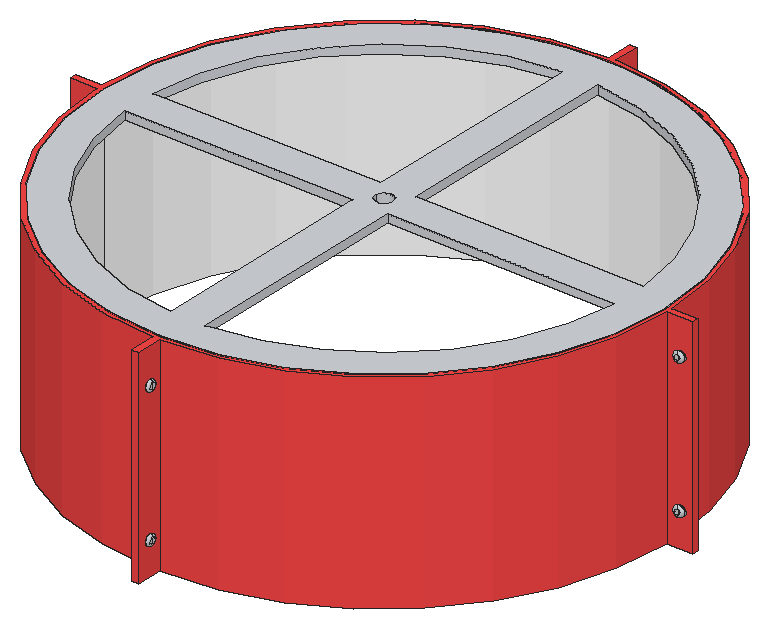
Revit family "CY618", category Lighting Fixtures, Revit 2024
Family settings
  Round Connector Dimension = Use Diameter
  Part Type = Normal
  OmniClass Number = 23.80.70.00
  OmniClass Title = Lighting
  Work Plane-Based = No
  Always vertical = Yes
  Cut with Voids When Loaded = No
  Light Source = No
  Maintain Annotation Orientation = No
  Shared = No
  Room Calculation Point = No
Parameters
  Default Elevation = 0' - 0"
Reference planes (in)
  plane 1 "Light Source Axis (F/B)": y = 0
  plane 2: z = 0
  plane 3 "Light Source Axis (L/R)": x = 0
  plane 4 "Light Source Elevation": z = 54
Forms (in)
  Sweep 1, solid, material "FC", not visible
    path origin (75.968, 0, 0.00093) x (1, 0, 0) y (0, 0, 1)
      loop
        arc (-4.5864, 68.3252) -> (-8.91952, 61.72019) -> (-10.59309, 54) r 21.63816
    profile origin (67.04848, 0, 61.72112) x (0.922209, 0, -0.386691) y (0, -1, 0)
      loop
        circle (0, 0) r 0.03125
  Extrusion 2, solid, material "61", not visible
    sketch origin (21.22004, 0.07031, 3.70715) x (1, 0, 0) y (0, 1, 0)
      loop
        arc (0.70087, 4.42509) -> (0.0002, 4.48026) -> (-0.70003, 4.41981) r 4.27232
        line (-0.70003, 4.41981) -> (-0.65367, 4.12712)
        arc (-0.65367, 4.12712) -> (0, 4.17857) -> (0.65367, 4.12712) r 4.17857
        line (0.65367, 4.12712) -> (0.70087, 4.42509)
    from 66 to 73.80732
  Extrusion 3, solid, material "43"
    sketch origin (-66.09748, -21.29964, 48) x (1, 0, 0) y (0, 1, 0)
      loop
        arc (74.34687, 21.39964) -> (71.93111, 27.13327) -> (66.19748, 29.54903) r 8.25
        line (66.19748, 29.54903) -> (66.19748, 30.29964) -> (65.99748, 30.29964) -> (65.99748, 29.54903)
        arc (65.99748, 29.54903) -> (60.26385, 27.13327) -> (57.84809, 21.39964) r 8.25
        line (57.84809, 21.39964) -> (57.09748, 21.39964) -> (57.09748, 21.19964) -> (57.84809, 21.19964)
        arc (57.84809, 21.19964) -> (60.26385, 15.46601) -> (65.99748, 13.05024) r 8.25
        line (65.99748, 13.05024) -> (65.99748, 12.29964) -> (66.19748, 12.29964) -> (66.19748, 13.05024)
        arc (66.19748, 13.05024) -> (71.93111, 15.46601) -> (74.34687, 21.19964) r 8.25
        line (74.34687, 21.19964) -> (75.09748, 21.19964) -> (75.09748, 21.39964) -> (74.34687, 21.39964)
      loop
        circle (66.09748, 21.29964) r 8.125
    from 6 to 12
  Extrusion 4, solid
    sketch origin (-66.09748, -21.29964, 48) x (1, 0, 0) y (0, 1, 0)
      loop
        arc (73.20491, 21.79964) -> (71.13562, 26.33777) -> (66.59748, 28.40707) r 7.125
        line (66.59748, 28.40707) -> (66.59748, 21.79964) -> (73.20491, 21.79964)
      loop
        line (65.59748, 14.1922) -> (65.59748, 20.79964) -> (58.99005, 20.79964)
        arc (58.99005, 20.79964) -> (61.05934, 16.2615) -> (65.59748, 14.1922) r 7.125
      loop
        arc (66.59748, 14.1922) -> (71.13562, 16.2615) -> (73.20491, 20.79964) r 7.125
        line (73.20491, 20.79964) -> (66.59748, 20.79964) -> (66.59748, 14.1922)
      loop
        line (58.99005, 21.79964) -> (65.59748, 21.79964) -> (65.59748, 28.40707)
        arc (65.59748, 28.40707) -> (61.05934, 26.33777) -> (58.99005, 21.79964) r 7.125
      loop
        circle (66.09748, 21.29964) r 0.25
      loop
        circle (66.09748, 21.29964) r 8.125
    from 11.75477 to 12
  Revolve 5, solid
    sketch origin (0, -8.63763, 0) x (1, 0, 0) y (0, 0, 1)
      loop
        line (0.20218, 59) -> (0.20218, 59.09)
        arc (0.20218, 59.09) -> (0.18461, 59.13243) -> (0.14218, 59.15) r 0.06
        line (0.14218, 59.15) -> (-0.14218, 59.15)
        arc (-0.14218, 59.15) -> (-0.18461, 59.13243) -> (-0.20218, 59.09) r 0.06
        line (-0.20218, 59.09) -> (-0.20218, 59) -> (0.20218, 59)
      axis (0.20218, 59) -> (-0.20218, 59)
    angle from 0 to 360
  Revolve 6, solid
    sketch origin (0, -8.63763, -4) x (1, 0, 0) y (0, 0, 1)
      loop
        line (0.20218, 59) -> (0.20218, 59.09)
        arc (0.20218, 59.09) -> (0.18461, 59.13243) -> (0.14218, 59.15) r 0.06
        line (0.14218, 59.15) -> (-0.14218, 59.15)
        arc (-0.14218, 59.15) -> (-0.18461, 59.13243) -> (-0.20218, 59.09) r 0.06
        line (-0.20218, 59.09) -> (-0.20218, 59) -> (0.20218, 59)
      axis (0.20218, 59) -> (-0.20218, 59)
    angle from 0 to 360
  Revolve 7, solid
    sketch origin (-8.63763, 0, 0) x (0, -1, 0) y (0, 0, 1)
      loop
        line (0.20218, 59) -> (0.20218, 59.09)
        arc (0.20218, 59.09) -> (0.18461, 59.13243) -> (0.14218, 59.15) r 0.06
        line (0.14218, 59.15) -> (-0.14218, 59.15)
        arc (-0.14218, 59.15) -> (-0.18461, 59.13243) -> (-0.20218, 59.09) r 0.06
        line (-0.20218, 59.09) -> (-0.20218, 59) -> (0.20218, 59)
      axis (0.20218, 59) -> (-0.20218, 59)
    angle from 0 to 360
  Revolve 8, solid
    sketch origin (-8.63763, 0, -4) x (0, -1, 0) y (0, 0, 1)
      loop
        line (0.20218, 59) -> (0.20218, 59.09)
        arc (0.20218, 59.09) -> (0.18461, 59.13243) -> (0.14218, 59.15) r 0.06
        line (0.14218, 59.15) -> (-0.14218, 59.15)
        arc (-0.14218, 59.15) -> (-0.18461, 59.13243) -> (-0.20218, 59.09) r 0.06
        line (-0.20218, 59.09) -> (-0.20218, 59) -> (0.20218, 59)
      axis (0.20218, 59) -> (-0.20218, 59)
    angle from 0 to 360
  Revolve 9, solid
    sketch origin (8.63763, 0, 0) x (0, 1, 0) y (0, 0, 1)
      loop
        line (0.20218, 59) -> (0.20218, 59.09)
        arc (0.20218, 59.09) -> (0.18461, 59.13243) -> (0.14218, 59.15) r 0.06
        line (0.14218, 59.15) -> (-0.14218, 59.15)
        arc (-0.14218, 59.15) -> (-0.18461, 59.13243) -> (-0.20218, 59.09) r 0.06
        line (-0.20218, 59.09) -> (-0.20218, 59) -> (0.20218, 59)
      axis (0.20218, 59) -> (-0.20218, 59)
    angle from 0 to 360
  Revolve 10, solid
    sketch origin (8.63763, 0, -4) x (0, 1, 0) y (0, 0, 1)
      loop
        line (0.20218, 59) -> (0.20218, 59.09)
        arc (0.20218, 59.09) -> (0.18461, 59.13243) -> (0.14218, 59.15) r 0.06
        line (0.14218, 59.15) -> (-0.14218, 59.15)
        arc (-0.14218, 59.15) -> (-0.18461, 59.13243) -> (-0.20218, 59.09) r 0.06
        line (-0.20218, 59.09) -> (-0.20218, 59) -> (0.20218, 59)
      axis (0.20218, 59) -> (-0.20218, 59)
    angle from 0 to 360
  Revolve 11, solid
    sketch origin (0, 8.63763, 0) x (-1, 0, 0) y (0, 0, 1)
      loop
        line (0.20218, 59) -> (0.20218, 59.09)
        arc (0.20218, 59.09) -> (0.18461, 59.13243) -> (0.14218, 59.15) r 0.06
        line (0.14218, 59.15) -> (-0.14218, 59.15)
        arc (-0.14218, 59.15) -> (-0.18461, 59.13243) -> (-0.20218, 59.09) r 0.06
        line (-0.20218, 59.09) -> (-0.20218, 59) -> (0.20218, 59)
      axis (0.20218, 59) -> (-0.20218, 59)
    angle from 0 to 360
  Revolve 12, solid
    sketch origin (0, 8.63763, -4) x (-1, 0, 0) y (0, 0, 1)
      loop
        line (0.20218, 59) -> (0.20218, 59.09)
        arc (0.20218, 59.09) -> (0.18461, 59.13243) -> (0.14218, 59.15) r 0.06
        line (0.14218, 59.15) -> (-0.14218, 59.15)
        arc (-0.14218, 59.15) -> (-0.18461, 59.13243) -> (-0.20218, 59.09) r 0.06
        line (-0.20218, 59.09) -> (-0.20218, 59) -> (0.20218, 59)
      axis (0.20218, 59) -> (-0.20218, 59)
    angle from 0 to 360
Dimensions and locks (in)
  aligned and locked: level to plane 2
